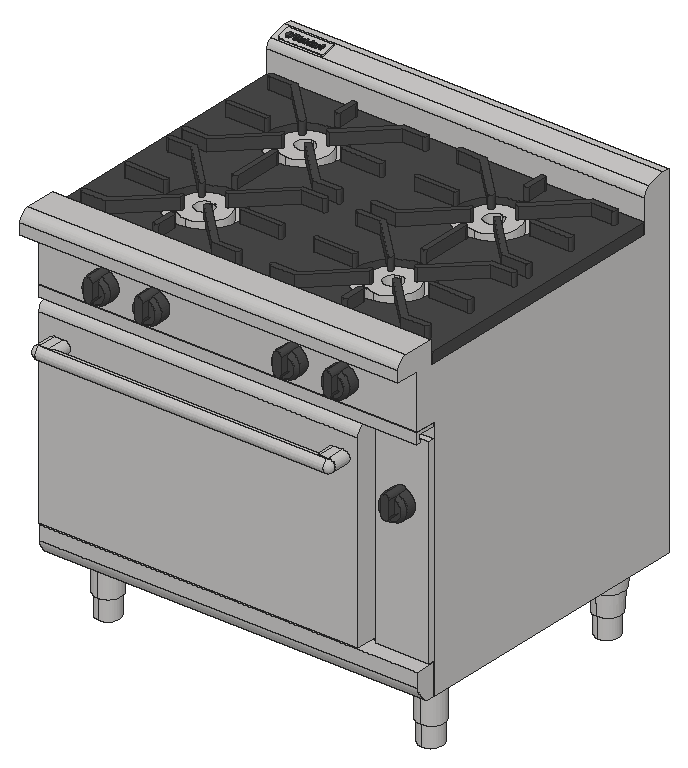
Revit family "QF_MOFFAT WALDORF_RNL8910G", category Specialty Equipment, Revit 2012
Parameters
  Width = 900 mm
  Weight in Pounds = 215
  URL Cutsheet = "www.moffat.com"
  URL = "www.moffat.com"
  Type Mark [instance] = ""
  Status [instance] = ""
  Specification by User [instance] = ""
  Specification by Manufacturer = ""
  Show Logo [instance] = yes
  Show Clearance [instance] = yes
  Serial Number = ""
  Seismic Rating = ""
  SMACNA No = ""
  Revision Code [instance] = ""
  Omniclass Number and Title = ""
  NAFEM Spec ID Number = ""
  Model = "RNL8910G"
  Mechanical Remarks = ""
  Mechanical Connection Type [instance] = ""
  Masterspec = ""
  Manufacturer = "MOFFAT WALDORF"
  Item Number [instance] = ""
  Installed By [instance] = ""
  Identify Quantity as Lot [instance] = yes
  Height = 970 mm
  Gas Size = 3/4"
  Gas RI Height [instance] = 0 mm
  Gas KW [instance] = 40
  Gas Input [instance] = 134590.0 Btu/h
  Gas Connection Height = 0 mm
  Furnished By [instance] = ""
  Foodservice Equipment Identifier [instance] = yes
  Description = "RANGE LOW SPLASHBACK GAS WITH STATIC OVEN"
  Depth = 805 mm
  CSI MasterFormat = ""
  CSI Master Format = ""
  Body Finish = QF_Finishes_Stainless Steel
Reference planes
  plane 1 "BACK": y = 0
  plane 2: z = 0
  plane 3 "LEFT": x = 0
  plane 4 "RIGHT": x = 900
  plane 5 "FRONT": y = -805
  plane 6 "TOP": z = 970
  plane 7 "Center Y": x = 450
  plane 8 "Center X": y = -402.5
  plane 9: x = 280
  plane 10: y = -574.272
  plane 11: x = 60
  plane 12: y = -304.972
  plane 13: y = -364.972
  plane 14: x = 74
  plane 15: y = -805
  plane 16: x = 834.5
  plane 17: y = -32
  plane 18: z = 655
  plane 19: x = 65.8
Forms (mm)
  Extrusion 1, solid, material "QF_Finishes_Stainless Steel" <- "Body Finish"
    sketch origin (0, 0, 0) x (0, 1, 0) y (0, 0, 1)
      loop
        line (0, 150) -> (0, 970) -> (-16.5, 970) -> (-58.709, 958.69)
        arc (-58.709, 958.69) -> (-66.975, 950.425) -> (-70, 939.134) r 22.582
        line (-70, 939.134) -> (-70, 861.8) -> (-709, 861.8) -> (-709, 915) -> (-781, 915)
        arc (-781, 915) -> (-797.971, 907.971) -> (-805, 891) r 24
        line (-805, 891) -> (-805, 866) -> (-749, 866) -> (-749, 736.219) -> (-696.73, 736.219) -> (-696.73, 150) -> (0, 150)
      loop
        line (-700.93, 150.071) -> (-700.93, 222.5) -> (-746.73, 222.5) -> (-746.73, 188)
        arc (-746.73, 188) -> (-731.317, 159.995) -> (-700.93, 150.071) r 43.526
      loop
        line (-749, 710) -> (-740.224, 710) -> (-742.613, 726.999) -> (-700.93, 726.999) -> (-700.93, 734.003) -> (-749, 734.003) -> (-749, 710)
    from 0 to 900
  Extrusion 2, solid, material "QF_Finishes_Stainless Steel"
    sketch origin (0, 0, 0) x (0, 1, 0) y (0, 0, 1)
      loop
        line (-699, 700) -> (-725, 700)
        arc (-725, 700) -> (-741.971, 692.971) -> (-749, 676) r 24
        line (-749, 676) -> (-749, 227.5) -> (-699, 227.5) -> (-699, 700)
    from 0 to 760
  Extrusion 3, solid, material "QF_Finishes_Stainless Steel"
    sketch origin (723.5, 0, 0) x (0, 1, 0) y (0, 0, 1)
      loop
        line (-699, 700) -> (-714, 700) -> (-714, 227.5) -> (-699, 227.5) -> (-699, 700)
    from 51.5 to 176.5
  Revolve 4, solid, material "QF_Finishes_Stainless Steel" <- "Body Finish"
    sketch origin (834.5, -165, 0) x (0, 1, 0) y (0, 0, -1)
      loop
        line (33.25, -50) -> (31.418, -102.468) -> (26.406, -102.468) -> (22.247, -150) -> (65, -150) -> (65, 0) -> (37.5, 0) -> (37.5, -50) -> (33.25, -50)
      axis (65, -150) -> (65, 0)
    angle from 0 to 360
  Revolve 5, solid, material "QF_Finishes_Stainless Steel" <- "Body Finish"
    sketch origin (834.5, -696.126, 0) x (0, 1, 0) y (0, 0, -1)
      loop
        line (39.376, -150) -> (71.126, -150) -> (71.126, 0) -> (43.626, 0) -> (43.626, -50) -> (39.376, -50) -> (39.376, -150)
      axis (71.126, -150) -> (71.126, 0)
    angle from 0 to 360
  Revolve 6, solid, material "QF_Finishes_Stainless Steel" <- "Body Finish"
    sketch origin (65.5, -165, 0) x (0, 1, 0) y (0, 0, 1)
      loop
        line (31.418, 102.468) -> (33.25, 50) -> (37.5, 50) -> (37.5, 0) -> (65, 0) -> (65, 150) -> (22.247, 150) -> (26.406, 102.468) -> (31.418, 102.468)
      axis (65, 150) -> (65, 0)
    angle from 0 to 360
  Revolve 7, solid, material "QF_Finishes_Stainless Steel" <- "Body Finish"
    sketch origin (65.5, -696.126, 0) x (0, 1, 0) y (0, 0, 1)
      loop
        line (39.376, 150) -> (39.376, 50) -> (43.626, 50) -> (43.626, 0) -> (71.126, 0) -> (71.126, 150) -> (39.376, 150)
      axis (71.126, 150) -> (71.126, 0)
    angle from 0 to 360
  Extrusion 8, solid, material "QF_Finishes_Stainless Steel"
    sketch origin (-64.5, 0, 325) x (1, 0, 0) y (0, 1, 0)
      loop
        circle (834.5, -32) r 10
    from 330 to 373.5
  Extrusion 9, solid, material "QF_Finishes_Black"
    sketch origin (0, -70, 861.8) x (0, -1, 0) y (1, 0, 0)
      loop
        arc (1, 4) -> (1.879, 1.879) -> (4, 1) r 3
        line (4, 1) -> (631, 1)
        arc (631, 1) -> (633.121, 1.879) -> (634, 4) r 3
        line (634, 4) -> (634, 897)
        arc (634, 897) -> (633.121, 899.121) -> (631, 900) r 3
        line (631, 900) -> (4, 900)
        arc (4, 900) -> (1.879, 899.121) -> (1, 897) r 3
        line (1, 897) -> (1, 4)
      loop
        circle (167.5, 225.387) r 85
      loop
        circle (467.768, 225.387) r 85
      loop
        circle (167.5, 674.613) r 85
      loop
        circle (467.768, 674.613) r 85
    from 0 to 25
  Extrusion 10, solid, material "QF_Finishes_Black"
    sketch origin (0, -70, 886.8) x (0, -1, 0) y (1, 0, 0)
      loop
        spline (375.602, 218.6) -> (376.896, 218.818) -> (378.102, 219.457) -> (379.138, 220.475) -> (379.932, 221.8) -> (380.432, 223.344) -> (380.602, 225) -> (380.432, 226.656) -> (379.932, 228.2) -> (379.138, 229.525) -> (378.102, 230.543) -> (376.896, 231.182) -> (375.602, 231.4)
        line (375.602, 231.4) -> (259.398, 231.4)
        spline (259.398, 231.4) -> (258.104, 231.182) -> (256.898, 230.543) -> (255.862, 229.525) -> (255.068, 228.2) -> (254.568, 226.656) -> (254.398, 225) -> (254.568, 223.344) -> (255.068, 221.8) -> (255.862, 220.475) -> (256.898, 219.457) -> (258.104, 218.818) -> (259.398, 218.6)
        line (259.398, 218.6) -> (375.602, 218.6)
      loop
        line (302.399, 350.848) -> (302.399, 408.117)
        arc (302.399, 408.117) -> (295.999, 414.517) -> (289.599, 408.117) r 6.4
        line (289.599, 408.117) -> (289.599, 356.15) -> (194.424, 260.975)
        spline (194.424, 260.975) -> (193.663, 259.905) -> (193.262, 258.601) -> (193.249, 257.149) -> (193.625, 255.65) -> (194.363, 254.205) -> (195.414, 252.914) -> (196.705, 251.863) -> (198.15, 251.125) -> (199.649, 250.749) -> (201.101, 250.762) -> (202.405, 251.163) -> (203.475, 251.924)
        line (203.475, 251.924) -> (302.399, 350.848)
      loop
        spline (161.1, 316.898) -> (161.318, 315.604) -> (161.957, 314.398) -> (162.975, 313.362) -> (164.3, 312.568) -> (165.844, 312.068) -> (167.5, 311.898) -> (169.156, 312.068) -> (170.7, 312.568) -> (172.025, 313.362) -> (173.043, 314.398) -> (173.682, 315.604) -> (173.9, 316.898)
        line (173.9, 316.898) -> (173.9, 408.102)
        spline (173.9, 408.102) -> (173.682, 409.396) -> (173.043, 410.602) -> (172.025, 411.638) -> (170.7, 412.432) -> (169.156, 412.932) -> (167.5, 413.102) -> (165.844, 412.932) -> (164.3, 412.432) -> (162.975, 411.638) -> (161.957, 410.602) -> (161.318, 409.396) -> (161.1, 408.102)
        line (161.1, 408.102) -> (161.1, 316.898)
      loop
        line (161.1, 133.102) -> (161.1, 41.898)
        spline (161.1, 41.898) -> (161.318, 40.604) -> (161.957, 39.398) -> (162.975, 38.362) -> (164.3, 37.568) -> (165.844, 37.068) -> (167.5, 36.898) -> (169.156, 37.068) -> (170.7, 37.568) -> (172.025, 38.362) -> (173.043, 39.398) -> (173.682, 40.604) -> (173.9, 41.898)
        line (173.9, 41.898) -> (173.9, 133.102)
        spline (173.9, 133.102) -> (173.682, 134.396) -> (173.043, 135.602) -> (172.025, 136.638) -> (170.7, 137.432) -> (169.156, 137.932) -> (167.5, 138.102) -> (165.844, 137.932) -> (164.3, 137.432) -> (162.975, 136.638) -> (161.957, 135.602) -> (161.318, 134.396) -> (161.1, 133.102)
      loop
        line (302.399, 99.152) -> (203.475, 198.076)
        spline (203.475, 198.076) -> (202.405, 198.837) -> (201.101, 199.238) -> (199.649, 199.251) -> (198.15, 198.875) -> (196.705, 198.137) -> (195.414, 197.086) -> (194.363, 195.795) -> (193.625, 194.35) -> (193.249, 192.851) -> (193.262, 191.399) -> (193.663, 190.095) -> (194.424, 189.025)
        line (194.424, 189.025) -> (289.599, 93.85) -> (289.599, 41.883)
        arc (289.599, 41.883) -> (295.999, 35.483) -> (302.399, 41.883) r 6.4
        line (302.399, 41.883) -> (302.399, 99.152)
      loop
        line (32.601, 350.848) -> (131.525, 251.924)
        spline (131.525, 251.924) -> (132.595, 251.163) -> (133.899, 250.762) -> (135.351, 250.749) -> (136.85, 251.125) -> (138.295, 251.863) -> (139.586, 252.914) -> (140.637, 254.205) -> (141.375, 255.65) -> (141.751, 257.149) -> (141.738, 258.601) -> (141.337, 259.905) -> (140.576, 260.975)
        line (140.576, 260.975) -> (45.401, 356.15) -> (45.401, 408.117)
        arc (45.401, 408.117) -> (39.001, 414.517) -> (32.601, 408.117) r 6.4
        line (32.601, 408.117) -> (32.601, 350.848)
      loop
        line (32.601, 99.152) -> (32.601, 41.883)
        arc (32.601, 41.883) -> (39.001, 35.483) -> (45.401, 41.883) r 6.4
        line (45.401, 41.883) -> (45.401, 93.85) -> (140.576, 189.025)
        spline (140.576, 189.025) -> (141.337, 190.095) -> (141.738, 191.399) -> (141.751, 192.851) -> (141.375, 194.35) -> (140.637, 195.795) -> (139.586, 197.086) -> (138.295, 198.137) -> (136.85, 198.875) -> (135.351, 199.251) -> (133.899, 199.238) -> (132.595, 198.837) -> (131.525, 198.076)
        line (131.525, 198.076) -> (32.601, 99.152)
      loop
        spline (70.602, 218.6) -> (71.896, 218.818) -> (73.102, 219.457) -> (74.138, 220.475) -> (74.932, 221.8) -> (75.432, 223.344) -> (75.602, 225) -> (75.432, 226.656) -> (74.932, 228.2) -> (74.138, 229.525) -> (73.102, 230.543) -> (71.896, 231.182) -> (70.602, 231.4)
        line (70.602, 231.4) -> (24.398, 231.4)
        spline (24.398, 231.4) -> (23.104, 231.182) -> (21.898, 230.543) -> (20.862, 229.525) -> (20.068, 228.2) -> (19.568, 226.656) -> (19.398, 225) -> (19.568, 223.344) -> (20.068, 221.8) -> (20.862, 220.475) -> (21.898, 219.457) -> (23.104, 218.818) -> (24.398, 218.6)
        line (24.398, 218.6) -> (70.602, 218.6)
      loop
        line (332.601, 350.848) -> (431.525, 251.924)
        spline (431.525, 251.924) -> (432.595, 251.163) -> (433.899, 250.762) -> (435.351, 250.749) -> (436.85, 251.125) -> (438.295, 251.863) -> (439.586, 252.914) -> (440.637, 254.205) -> (441.375, 255.65) -> (441.751, 257.149) -> (441.738, 258.601) -> (441.337, 259.905) -> (440.576, 260.975)
        line (440.576, 260.975) -> (345.401, 356.15) -> (345.401, 408.117)
        arc (345.401, 408.117) -> (339.001, 414.517) -> (332.601, 408.117) r 6.4
        line (332.601, 408.117) -> (332.601, 350.848)
      loop
        line (473.9, 316.898) -> (473.9, 408.102)
        spline (473.9, 408.102) -> (473.682, 409.396) -> (473.043, 410.602) -> (472.025, 411.638) -> (470.7, 412.432) -> (469.156, 412.932) -> (467.5, 413.102) -> (465.844, 412.932) -> (464.3, 412.432) -> (462.975, 411.638) -> (461.957, 410.602) -> (461.318, 409.396) -> (461.1, 408.102)
        line (461.1, 408.102) -> (461.1, 316.898)
        spline (461.1, 316.898) -> (461.318, 315.604) -> (461.957, 314.398) -> (462.975, 313.362) -> (464.3, 312.568) -> (465.844, 312.068) -> (467.5, 311.898) -> (469.156, 312.068) -> (470.7, 312.568) -> (472.025, 313.362) -> (473.043, 314.398) -> (473.682, 315.604) -> (473.9, 316.898)
      loop
        spline (473.9, 133.102) -> (473.682, 134.396) -> (473.043, 135.602) -> (472.025, 136.638) -> (470.7, 137.432) -> (469.156, 137.932) -> (467.5, 138.102) -> (465.844, 137.932) -> (464.3, 137.432) -> (462.975, 136.638) -> (461.957, 135.602) -> (461.318, 134.396) -> (461.1, 133.102)
        line (461.1, 133.102) -> (461.1, 41.898)
        spline (461.1, 41.898) -> (461.318, 40.604) -> (461.957, 39.398) -> (462.975, 38.362) -> (464.3, 37.568) -> (465.844, 37.068) -> (467.5, 36.898) -> (469.156, 37.068) -> (470.7, 37.568) -> (472.025, 38.362) -> (473.043, 39.398) -> (473.682, 40.604) -> (473.9, 41.898)
        line (473.9, 41.898) -> (473.9, 133.102)
      loop
        line (332.601, 99.152) -> (332.601, 41.883)
        arc (332.601, 41.883) -> (339.001, 35.483) -> (345.401, 41.883) r 6.4
        line (345.401, 41.883) -> (345.401, 93.85) -> (440.576, 189.025)
        spline (440.576, 189.025) -> (441.337, 190.095) -> (441.738, 191.399) -> (441.751, 192.851) -> (441.375, 194.35) -> (440.637, 195.795) -> (439.586, 197.086) -> (438.295, 198.137) -> (436.85, 198.875) -> (435.351, 199.251) -> (433.899, 199.238) -> (432.595, 198.837) -> (431.525, 198.076)
        line (431.525, 198.076) -> (332.601, 99.152)
      loop
        line (602.399, 350.848) -> (602.399, 408.117)
        arc (602.399, 408.117) -> (595.999, 414.517) -> (589.599, 408.117) r 6.4
        line (589.599, 408.117) -> (589.599, 356.15) -> (494.424, 260.975)
        spline (494.424, 260.975) -> (493.663, 259.905) -> (493.262, 258.601) -> (493.249, 257.149) -> (493.625, 255.65) -> (494.363, 254.205) -> (495.414, 252.914) -> (496.705, 251.863) -> (498.15, 251.125) -> (499.649, 250.749) -> (501.101, 250.762) -> (502.405, 251.163) -> (503.475, 251.924)
        line (503.475, 251.924) -> (602.399, 350.848)
      loop
        line (602.399, 99.152) -> (503.475, 198.076)
        spline (503.475, 198.076) -> (502.405, 198.837) -> (501.101, 199.238) -> (499.649, 199.251) -> (498.15, 198.875) -> (496.705, 198.137) -> (495.414, 197.086) -> (494.363, 195.795) -> (493.625, 194.35) -> (493.249, 192.851) -> (493.262, 191.399) -> (493.663, 190.095) -> (494.424, 189.025)
        line (494.424, 189.025) -> (589.599, 93.85) -> (589.599, 41.883)
        arc (589.599, 41.883) -> (595.999, 35.483) -> (602.399, 41.883) r 6.4
        line (602.399, 41.883) -> (602.399, 99.152)
      loop
        line (564.398, 218.6) -> (610.602, 218.6)
        spline (610.602, 218.6) -> (611.896, 218.818) -> (613.102, 219.457) -> (614.138, 220.475) -> (614.932, 221.8) -> (615.432, 223.344) -> (615.602, 225) -> (615.432, 226.656) -> (614.932, 228.2) -> (614.138, 229.525) -> (613.102, 230.543) -> (611.896, 231.182) -> (610.602, 231.4)
        line (610.602, 231.4) -> (564.398, 231.4)
        spline (564.398, 231.4) -> (563.104, 231.182) -> (561.898, 230.543) -> (560.862, 229.525) -> (560.068, 228.2) -> (559.568, 226.656) -> (559.398, 225) -> (559.568, 223.344) -> (560.068, 221.8) -> (560.862, 220.475) -> (561.898, 219.457) -> (563.104, 218.818) -> (564.398, 218.6)
      loop
        line (375.602, 681.4) -> (259.398, 681.4)
        spline (259.398, 681.4) -> (258.104, 681.182) -> (256.898, 680.543) -> (255.862, 679.525) -> (255.068, 678.2) -> (254.568, 676.656) -> (254.398, 675) -> (254.568, 673.344) -> (255.068, 671.8) -> (255.862, 670.475) -> (256.898, 669.457) -> (258.104, 668.818) -> (259.398, 668.6)
        line (259.398, 668.6) -> (375.602, 668.6)
        spline (375.602, 668.6) -> (376.896, 668.818) -> (378.102, 669.457) -> (379.138, 670.475) -> (379.932, 671.8) -> (380.432, 673.344) -> (380.602, 675) -> (380.432, 676.656) -> (379.932, 678.2) -> (379.138, 679.525) -> (378.102, 680.543) -> (376.896, 681.182) -> (375.602, 681.4)
      loop
        line (302.399, 549.152) -> (203.475, 648.076)
        spline (203.475, 648.076) -> (202.405, 648.837) -> (201.101, 649.238) -> (199.649, 649.251) -> (198.15, 648.875) -> (196.705, 648.137) -> (195.414, 647.086) -> (194.363, 645.795) -> (193.625, 644.35) -> (193.249, 642.851) -> (193.262, 641.399) -> (193.663, 640.095) -> (194.424, 639.025)
        line (194.424, 639.025) -> (289.599, 543.85) -> (289.599, 491.883)
        arc (289.599, 491.883) -> (295.999, 485.483) -> (302.399, 491.883) r 6.4
        line (302.399, 491.883) -> (302.399, 549.152)
      loop
        line (161.1, 583.102) -> (161.1, 491.898)
        spline (161.1, 491.898) -> (161.318, 490.604) -> (161.957, 489.398) -> (162.975, 488.362) -> (164.3, 487.568) -> (165.844, 487.068) -> (167.5, 486.898) -> (169.156, 487.068) -> (170.7, 487.568) -> (172.025, 488.362) -> (173.043, 489.398) -> (173.682, 490.604) -> (173.9, 491.898)
        line (173.9, 491.898) -> (173.9, 583.102)
        spline (173.9, 583.102) -> (173.682, 584.396) -> (173.043, 585.602) -> (172.025, 586.638) -> (170.7, 587.432) -> (169.156, 587.932) -> (167.5, 588.102) -> (165.844, 587.932) -> (164.3, 587.432) -> (162.975, 586.638) -> (161.957, 585.602) -> (161.318, 584.396) -> (161.1, 583.102)
      loop
        spline (161.1, 766.898) -> (161.318, 765.604) -> (161.957, 764.398) -> (162.975, 763.362) -> (164.3, 762.568) -> (165.844, 762.068) -> (167.5, 761.898) -> (169.156, 762.068) -> (170.7, 762.568) -> (172.025, 763.362) -> (173.043, 764.398) -> (173.682, 765.604) -> (173.9, 766.898)
        line (173.9, 766.898) -> (173.9, 858.102)
        spline (173.9, 858.102) -> (173.682, 859.396) -> (173.043, 860.602) -> (172.025, 861.638) -> (170.7, 862.432) -> (169.156, 862.932) -> (167.5, 863.102) -> (165.844, 862.932) -> (164.3, 862.432) -> (162.975, 861.638) -> (161.957, 860.602) -> (161.318, 859.396) -> (161.1, 858.102)
        line (161.1, 858.102) -> (161.1, 766.898)
      loop
        line (302.399, 800.848) -> (302.399, 858.117)
        arc (302.399, 858.117) -> (295.999, 864.517) -> (289.599, 858.117) r 6.4
        line (289.599, 858.117) -> (289.599, 806.15) -> (194.424, 710.975)
        spline (194.424, 710.975) -> (193.663, 709.905) -> (193.262, 708.601) -> (193.249, 707.149) -> (193.625, 705.65) -> (194.363, 704.205) -> (195.414, 702.914) -> (196.705, 701.863) -> (198.15, 701.125) -> (199.649, 700.749) -> (201.101, 700.762) -> (202.405, 701.163) -> (203.475, 701.924)
        line (203.475, 701.924) -> (302.399, 800.848)
      loop
        line (32.601, 549.152) -> (32.601, 491.883)
        arc (32.601, 491.883) -> (39.001, 485.483) -> (45.401, 491.883) r 6.4
        line (45.401, 491.883) -> (45.401, 543.85) -> (140.576, 639.025)
        spline (140.576, 639.025) -> (141.337, 640.095) -> (141.738, 641.399) -> (141.751, 642.851) -> (141.375, 644.35) -> (140.637, 645.795) -> (139.586, 647.086) -> (138.295, 648.137) -> (136.85, 648.875) -> (135.351, 649.251) -> (133.899, 649.238) -> (132.595, 648.837) -> (131.525, 648.076)
        line (131.525, 648.076) -> (32.601, 549.152)
      loop
        line (32.601, 800.848) -> (131.525, 701.924)
        spline (131.525, 701.924) -> (132.595, 701.163) -> (133.899, 700.762) -> (135.351, 700.749) -> (136.85, 701.125) -> (138.295, 701.863) -> (139.586, 702.914) -> (140.637, 704.205) -> (141.375, 705.65) -> (141.751, 707.149) -> (141.738, 708.601) -> (141.337, 709.905) -> (140.576, 710.975)
        line (140.576, 710.975) -> (45.401, 806.15) -> (45.401, 858.117)
        arc (45.401, 858.117) -> (39.001, 864.517) -> (32.601, 858.117) r 6.4
        line (32.601, 858.117) -> (32.601, 800.848)
      loop
        line (70.602, 681.4) -> (24.398, 681.4)
        spline (24.398, 681.4) -> (23.104, 681.182) -> (21.898, 680.543) -> (20.862, 679.525) -> (20.068, 678.2) -> (19.568, 676.656) -> (19.398, 675) -> (19.568, 673.344) -> (20.068, 671.8) -> (20.862, 670.475) -> (21.898, 669.457) -> (23.104, 668.818) -> (24.398, 668.6)
        line (24.398, 668.6) -> (70.602, 668.6)
        spline (70.602, 668.6) -> (71.896, 668.818) -> (73.102, 669.457) -> (74.138, 670.475) -> (74.932, 671.8) -> (75.432, 673.344) -> (75.602, 675) -> (75.432, 676.656) -> (74.932, 678.2) -> (74.138, 679.525) -> (73.102, 680.543) -> (71.896, 681.182) -> (70.602, 681.4)
      loop
        line (332.601, 549.152) -> (332.601, 491.883)
        arc (332.601, 491.883) -> (339.001, 485.483) -> (345.401, 491.883) r 6.4
        line (345.401, 491.883) -> (345.401, 543.85) -> (440.576, 639.025)
        spline (440.576, 639.025) -> (441.337, 640.095) -> (441.738, 641.399) -> (441.751, 642.851) -> (441.375, 644.35) -> (440.637, 645.795) -> (439.586, 647.086) -> (438.295, 648.137) -> (436.85, 648.875) -> (435.351, 649.251) -> (433.899, 649.238) -> (432.595, 648.837) -> (431.525, 648.076)
        line (431.525, 648.076) -> (332.601, 549.152)
      loop
        spline (473.9, 583.102) -> (473.682, 584.396) -> (473.043, 585.602) -> (472.025, 586.638) -> (470.7, 587.432) -> (469.156, 587.932) -> (467.5, 588.102) -> (465.844, 587.932) -> (464.3, 587.432) -> (462.975, 586.638) -> (461.957, 585.602) -> (461.318, 584.396) -> (461.1, 583.102)
        line (461.1, 583.102) -> (461.1, 491.898)
        spline (461.1, 491.898) -> (461.318, 490.604) -> (461.957, 489.398) -> (462.975, 488.362) -> (464.3, 487.568) -> (465.844, 487.068) -> (467.5, 486.898) -> (469.156, 487.068) -> (470.7, 487.568) -> (472.025, 488.362) -> (473.043, 489.398) -> (473.682, 490.604) -> (473.9, 491.898)
        line (473.9, 491.898) -> (473.9, 583.102)
      loop
        line (473.9, 766.898) -> (473.9, 858.102)
        spline (473.9, 858.102) -> (473.682, 859.396) -> (473.043, 860.602) -> (472.025, 861.638) -> (470.7, 862.432) -> (469.156, 862.932) -> (467.5, 863.102) -> (465.844, 862.932) -> (464.3, 862.432) -> (462.975, 861.638) -> (461.957, 860.602) -> (461.318, 859.396) -> (461.1, 858.102)
        line (461.1, 858.102) -> (461.1, 766.898)
        spline (461.1, 766.898) -> (461.318, 765.604) -> (461.957, 764.398) -> (462.975, 763.362) -> (464.3, 762.568) -> (465.844, 762.068) -> (467.5, 761.898) -> (469.156, 762.068) -> (470.7, 762.568) -> (472.025, 763.362) -> (473.043, 764.398) -> (473.682, 765.604) -> (473.9, 766.898)
      loop
        line (332.601, 800.848) -> (431.525, 701.924)
        spline (431.525, 701.924) -> (432.595, 701.163) -> (433.899, 700.762) -> (435.351, 700.749) -> (436.85, 701.125) -> (438.295, 701.863) -> (439.586, 702.914) -> (440.637, 704.205) -> (441.375, 705.65) -> (441.751, 707.149) -> (441.738, 708.601) -> (441.337, 709.905) -> (440.576, 710.975)
        line (440.576, 710.975) -> (345.401, 806.15) -> (345.401, 858.117)
        arc (345.401, 858.117) -> (339.001, 864.517) -> (332.601, 858.117) r 6.4
        line (332.601, 858.117) -> (332.601, 800.848)
      loop
        line (602.399, 549.152) -> (503.475, 648.076)
        spline (503.475, 648.076) -> (502.405, 648.837) -> (501.101, 649.238) -> (499.649, 649.251) -> (498.15, 648.875) -> (496.705, 648.137) -> (495.414, 647.086) -> (494.363, 645.795) -> (493.625, 644.35) -> (493.249, 642.851) -> (493.262, 641.399) -> (493.663, 640.095) -> (494.424, 639.025)
        line (494.424, 639.025) -> (589.599, 543.85) -> (589.599, 491.883)
        arc (589.599, 491.883) -> (595.999, 485.483) -> (602.399, 491.883) r 6.4
        line (602.399, 491.883) -> (602.399, 549.152)
      loop
        line (602.399, 800.848) -> (602.399, 858.117)
        arc (602.399, 858.117) -> (595.999, 864.517) -> (589.599, 858.117) r 6.4
        line (589.599, 858.117) -> (589.599, 806.15) -> (494.424, 710.975)
        spline (494.424, 710.975) -> (493.663, 709.905) -> (493.262, 708.601) -> (493.249, 707.149) -> (493.625, 705.65) -> (494.363, 704.205) -> (495.414, 702.914) -> (496.705, 701.863) -> (498.15, 701.125) -> (499.649, 700.749) -> (501.101, 700.762) -> (502.405, 701.163) -> (503.475, 701.924)
        line (503.475, 701.924) -> (602.399, 800.848)
      loop
        spline (564.398, 681.4) -> (563.104, 681.182) -> (561.898, 680.543) -> (560.862, 679.525) -> (560.068, 678.2) -> (559.568, 676.656) -> (559.398, 675) -> (559.568, 673.344) -> (560.068, 671.8) -> (560.862, 670.475) -> (561.898, 669.457) -> (563.104, 668.818) -> (564.398, 668.6)
        line (564.398, 668.6) -> (610.602, 668.6)
        spline (610.602, 668.6) -> (611.896, 668.818) -> (613.102, 669.457) -> (614.138, 670.475) -> (614.932, 671.8) -> (615.432, 673.344) -> (615.602, 675) -> (615.432, 676.656) -> (614.932, 678.2) -> (614.138, 679.525) -> (613.102, 680.543) -> (611.896, 681.182) -> (610.602, 681.4)
        line (610.602, 681.4) -> (564.398, 681.4)
    from 0 to 28.2
  Extrusion 11, solid, material "QF_Finishes_Stainless Steel"
    sketch origin (0, -737.874, 150) x (1, 0, 0) y (0, -1, 0)
      loop
        circle (820.5, -271.602) r 10
    from 0 to 4
  Revolve 12, solid, material "QF_Finishes_Black"
    sketch origin (836.851, 81.374, -245.75) x (0, 1, 0) y (0, 0, 1)
      loop
        line (-820.874, 829.5) -> (-831.874, 823.651) -> (-831.874, 797) -> (-787.874, 797) -> (-787.874, 802) -> (-797.874, 802) -> (-797.874, 829.5) -> (-820.874, 829.5)
      axis (-831.874, 797) -> (-787.874, 797)
    angle from 0 to 360
  Extrusion 13, solid, material "QF_Finishes_Black"
    sketch origin (689.044, 42.5, -245.75) x (1, 0, 0) y (0, 0, 1)
      loop
        line (158.3, 789) -> (158.3, 824)
        arc (158.3, 824) -> (148.3, 834) -> (138.3, 824) r 10
        line (138.3, 824) -> (138.3, 789)
        arc (138.3, 789) -> (148.3, 779) -> (158.3, 789) r 10
    from 759 to 808
  Extrusion 14, solid, material "QF_Door-Drawer Clearances", visible <- "Show Clearance", detail levels coarse
    sketch origin (0, 0, 0) x (0, -1, 0) y (0, 0, 1)
      loop
        line (749, 697.347) -> (749, 227.5) -> (1218.847, 227.5)
        arc (1218.847, 227.5) -> (1081.232, 559.732) -> (749, 697.347) r 469.847
    from 0 to -760
  Extrusion 15, void
    sketch origin (0, 0, 222.5) x (1, 0, 0) y (0, 1, 0)
      loop
        line (824, -87) -> (824, 0) -> (694, 0) -> (694, -39) -> (744, -87) -> (824, -87)
    from 0 to 476
  Extrusion 16, solid, material "QF_Finishes_Stainless Steel"
    sketch origin (0, -749, 227.5) x (0, 0, 1) y (-1, 0, 0)
      loop
        line (380.625, -38.246) -> (380.625, -58.528)
        arc (380.625, -58.528) -> (395.625, -73.528) -> (410.625, -58.528) r 15
        line (410.625, -58.528) -> (410.625, -38.246)
        arc (410.625, -38.246) -> (395.625, -23.246) -> (380.625, -38.246) r 15
      loop
        arc (380.625, -724.289) -> (395.625, -739.289) -> (410.625, -724.289) r 15
        line (410.625, -724.289) -> (410.625, -704.007)
        arc (410.625, -704.007) -> (395.625, -689.007) -> (380.625, -704.007) r 15
        line (380.625, -704.007) -> (380.625, -724.289)
    from 0 to 44
  Revolve 17, solid, material "QF_Finishes_Stainless Steel"
    sketch origin (0, -793, 0) x (1, 0, 0) y (0, 0, 1)
      loop
        arc (739.289, 623.125) -> (734.896, 633.732) -> (724.289, 638.125) r 15
        line (724.289, 638.125) -> (38.246, 638.125)
        arc (38.246, 638.125) -> (27.64, 633.732) -> (23.246, 623.125) r 15
        line (23.246, 623.125) -> (739.289, 623.125)
      axis (739.289, 623.125) -> (23.246, 623.125)
    angle from 0 to 360
  Revolve 18, solid, material "QF_Finishes_Black"
    sketch origin (734.351, 38.874, -0.118) x (0, 1, 0) y (0, 0, 1)
      loop
        line (-820.874, 829.5) -> (-831.874, 823.651) -> (-831.874, 797) -> (-787.874, 797) -> (-787.874, 802) -> (-797.874, 802) -> (-797.874, 829.5) -> (-820.874, 829.5)
      axis (-831.874, 797) -> (-787.874, 797)
    angle from 0 to 360
  Revolve 19, solid, material "QF_Finishes_Black"
    sketch origin (165.024, 38.874, -0.118) x (0, 1, 0) y (0, 0, -1)
      loop
        line (-820.874, -829.5) -> (-797.874, -829.5) -> (-797.874, -802) -> (-787.874, -802) -> (-787.874, -797) -> (-831.874, -797) -> (-831.874, -823.651) -> (-820.874, -829.5)
      axis (-831.874, -797) -> (-787.874, -797)
    angle from 0 to 360
  Revolve 20, solid, material "QF_Finishes_Black"
    sketch origin (285.625, 38.874, -0.118) x (0, 1, 0) y (0, 0, -1)
      loop
        line (-820.874, -829.5) -> (-797.874, -829.5) -> (-797.874, -802) -> (-787.874, -802) -> (-787.874, -797) -> (-831.874, -797) -> (-831.874, -823.651) -> (-820.874, -829.5)
      axis (-831.874, -797) -> (-787.874, -797)
    angle from 0 to 360
  Revolve 21, solid, material "QF_Finishes_Black"
    sketch origin (615.625, 38.874, -0.118) x (0, 1, 0) y (0, 0, -1)
      loop
        line (-820.874, -829.5) -> (-797.874, -829.5) -> (-797.874, -802) -> (-787.874, -802) -> (-787.874, -797) -> (-831.874, -797) -> (-831.874, -823.651) -> (-820.874, -829.5)
      axis (-831.874, -797) -> (-787.874, -797)
    angle from 0 to 360
  Extrusion 22, solid, material "QF_Finishes_Black"
    sketch origin (586.544, 0, -0.118) x (1, 0, 0) y (0, 0, 1)
      loop
        line (158.3, 789) -> (158.3, 824)
        arc (158.3, 824) -> (148.3, 834) -> (138.3, 824) r 10
        line (138.3, 824) -> (138.3, 789)
        arc (138.3, 789) -> (148.3, 779) -> (158.3, 789) r 10
    from 759 to 808
  Extrusion 23, solid, material "QF_Finishes_Black"
    sketch origin (312.831, 0, -0.118) x (-1, 0, 0) y (0, 0, -1)
      loop
        arc (158.3, -789) -> (148.3, -779) -> (138.3, -789) r 10
        line (138.3, -789) -> (138.3, -824)
        arc (138.3, -824) -> (148.3, -834) -> (158.3, -824) r 10
        line (158.3, -824) -> (158.3, -789)
    from 759 to 808
  Extrusion 24, solid, material "QF_Finishes_Black"
    sketch origin (433.432, 0, -0.118) x (-1, 0, 0) y (0, 0, -1)
      loop
        arc (158.3, -789) -> (148.3, -779) -> (138.3, -789) r 10
        line (138.3, -789) -> (138.3, -824)
        arc (138.3, -824) -> (148.3, -834) -> (158.3, -824) r 10
        line (158.3, -824) -> (158.3, -789)
    from 759 to 808
  Extrusion 25, solid, material "QF_Finishes_Black"
    sketch origin (763.432, 0, -0.118) x (-1, 0, 0) y (0, 0, -1)
      loop
        arc (158.3, -789) -> (148.3, -779) -> (138.3, -789) r 10
        line (138.3, -789) -> (138.3, -824)
        arc (138.3, -824) -> (148.3, -834) -> (158.3, -824) r 10
        line (158.3, -824) -> (158.3, -789)
    from 759 to 808
  Extrusion 26, solid, material "QF_Finishes_Stainless Steel"
    sketch origin (0, -70, 861.8) x (0, -1, 0) y (1, 0, 0)
      loop
        circle (467.5, 225.387) r 57
      loop
        circle (167.5, 225.387) r 57
      loop
        circle (467.5, 674.613) r 57
      loop
        circle (167.5, 674.613) r 57
      loop
        circle (167.5, 225.387) r 22
      loop
        circle (167.5, 674.613) r 22
      loop
        circle (467.5, 674.613) r 22
      loop
        circle (467.5, 225.387) r 22
    from 0 to 25
Cuts and joins
  Extrusion 15 cuts Extrusion 1
Lines and regions (mm)
  Split face 1
    outline origin (0, -16.5, 970) x (0, -0.965926, -0.258819) y (1, 0, 0)
      loop
        line (1.962, 129.583) -> (34.599, 129.583) -> (34.599, 149.583) -> (1.962, 149.583) -> (1.962, 129.583)
  Split face 2
    outline origin (0, -16.5, 970) x (0, -0.965926, -0.258819) y (1, 0, 0)
      loop
        line (34.599, 156.5) -> (34.599, 176.5) -> (1.962, 176.5) -> (1.962, 156.5) -> (34.599, 156.5)
  Split face 3
    outline origin (0, -16.5, 970) x (0, -0.965926, -0.258819) y (1, 0, 0)
      loop
        line (34.599, 203.5) -> (1.962, 203.5) -> (1.962, 183.5) -> (34.599, 183.5) -> (34.599, 203.5)
  Split face 4
    outline origin (0, -16.5, 970) x (0, -0.965926, -0.258819) y (1, 0, 0)
      loop
        line (34.599, 230.5) -> (1.962, 230.5) -> (1.962, 210.5) -> (34.599, 210.5) -> (34.599, 230.5)
  Split face 5
    outline origin (0, -16.5, 970) x (0, -0.965926, -0.258819) y (1, 0, 0)
      loop
        line (34.599, 257.5) -> (1.962, 257.5) -> (1.962, 237.5) -> (34.599, 237.5) -> (34.599, 257.5)
  Split face 6
    outline origin (0, -16.5, 970) x (0, -0.965926, -0.258819) y (1, 0, 0)
      loop
        line (34.599, 264.5) -> (34.599, 284.5) -> (1.962, 284.5) -> (1.962, 264.5) -> (34.599, 264.5)
  Split face 7
    outline origin (0, -16.5, 970) x (0, -0.965926, -0.258819) y (1, 0, 0)
      loop
        line (34.599, 311.5) -> (1.962, 311.5) -> (1.962, 291.5) -> (34.599, 291.5) -> (34.599, 311.5)
  Split face 8
    outline origin (0, -16.5, 970) x (0, -0.965926, -0.258819) y (1, 0, 0)
      loop
        line (1.962, 638.5) -> (1.962, 618.5) -> (34.599, 618.5) -> (34.599, 638.5) -> (1.962, 638.5)
  Split face 9
    outline origin (0, -16.5, 970) x (0, -0.965926, -0.258819) y (1, 0, 0)
      loop
        line (1.962, 645.5) -> (34.599, 645.5) -> (34.599, 665.5) -> (1.962, 665.5) -> (1.962, 645.5)
  Split face 10
    outline origin (0, -16.5, 970) x (0, -0.965926, -0.258819) y (1, 0, 0)
      loop
        line (34.599, 672.5) -> (34.599, 692.5) -> (1.962, 692.5) -> (1.962, 672.5) -> (34.599, 672.5)
  Split face 11
    outline origin (0, -16.5, 970) x (0, -0.965926, -0.258819) y (1, 0, 0)
      loop
        line (34.599, 699.5) -> (34.599, 719.5) -> (1.962, 719.5) -> (1.962, 699.5) -> (34.599, 699.5)
  Split face 12
    outline origin (0, -16.5, 970) x (0, -0.965926, -0.258819) y (1, 0, 0)
      loop
        line (34.599, 726.5) -> (34.599, 746.5) -> (1.962, 746.5) -> (1.962, 726.5) -> (34.599, 726.5)
  Split face 13
    outline origin (0, -16.5, 970) x (0, -0.965926, -0.258819) y (1, 0, 0)
      loop
        line (1.962, 753.5) -> (34.599, 753.5) -> (34.599, 773.5) -> (1.962, 773.5) -> (1.962, 753.5)
  Split face 14
    outline origin (29.312, -16.5, 970) x (0, -0.965926, -0.258819) y (1, 0, 0)
      loop
        line (34.599, 311.5) -> (1.962, 311.5) -> (1.962, 291.5) -> (34.599, 291.5) -> (34.599, 311.5)
  Split face 15
    outline origin (58.539, -16.5, 970) x (0, -0.965926, -0.258819) y (1, 0, 0)
      loop
        line (34.599, 311.5) -> (1.962, 311.5) -> (1.962, 291.5) -> (34.599, 291.5) -> (34.599, 311.5)
  Split face 16
    outline origin (85.538, -16.5, 970) x (0, -0.965926, -0.258819) y (1, 0, 0)
      loop
        line (34.599, 311.5) -> (1.962, 311.5) -> (1.962, 291.5) -> (34.599, 291.5) -> (34.599, 311.5)
  Split face 17
    outline origin (111.014, -16.5, 970) x (0, -0.965926, -0.258819) y (1, 0, 0)
      loop
        line (34.599, 311.5) -> (1.962, 311.5) -> (1.962, 291.5) -> (34.599, 291.5) -> (34.599, 311.5)
  Split face 18
    outline origin (137.462, -16.5, 970) x (0, -0.965926, -0.258819) y (1, 0, 0)
      loop
        line (34.599, 311.5) -> (1.962, 311.5) -> (1.962, 291.5) -> (34.599, 291.5) -> (34.599, 311.5)
  Split face 19
    outline origin (163.546, -16.5, 970) x (0, -0.965926, -0.258819) y (1, 0, 0)
      loop
        line (34.599, 311.5) -> (1.962, 311.5) -> (1.962, 291.5) -> (34.599, 291.5) -> (34.599, 311.5)
  Split face 20
    outline origin (189.443, -16.5, 970) x (0, -0.965926, -0.258819) y (1, 0, 0)
      loop
        line (34.599, 311.5) -> (1.962, 311.5) -> (1.962, 291.5) -> (34.599, 291.5) -> (34.599, 311.5)
  Split face 21
    outline origin (215.891, -16.5, 970) x (0, -0.965926, -0.258819) y (1, 0, 0)
      loop
        line (34.599, 311.5) -> (1.962, 311.5) -> (1.962, 291.5) -> (34.599, 291.5) -> (34.599, 311.5)
  Split face 22
    outline origin (246.196, -16.5, 970) x (0, -0.965926, -0.258819) y (1, 0, 0)
      loop
        line (34.599, 311.5) -> (1.962, 311.5) -> (1.962, 291.5) -> (34.599, 291.5) -> (34.599, 311.5)
  Split face 23
    outline origin (274.297, -16.5, 970) x (0, -0.965926, -0.258819) y (1, 0, 0)
      loop
        line (34.599, 311.5) -> (1.962, 311.5) -> (1.962, 291.5) -> (34.599, 291.5) -> (34.599, 311.5)
  Split face 24
    outline origin (299.643, -16.5, 970) x (0, -0.965926, -0.258819) y (1, 0, 0)
      loop
        line (34.599, 311.5) -> (1.962, 311.5) -> (1.962, 291.5) -> (34.599, 291.5) -> (34.599, 311.5)
  symbolic lines
    curve 1: line (0, 0, 0) -> (0, -805, 0)
    curve 2: line (900, 0, 0) -> (0, 0, 0)
    curve 3: line (900, -805, 0) -> (900, 0, 0)
    curve 4: line (0, -70, 0) -> (900, -70, 0)
    curve 5: line (12.5, -51.234, 0) -> (12.5, -20.958, 0)
    curve 6: line (12.5, -20.958, 0) -> (121.5, -20.958, 0)
    curve 7: line (12.5, -51.234, 0) -> (121.5, -51.234, 0)
    curve 8: line (121.5, -20.958, 0) -> (121.5, -51.234, 0)
    curve 9: line (129.583, -22.262, 0) -> (129.583, -50.526, 0)
    curve 10: line (129.583, -50.526, 0) -> (149.583, -50.526, 0)
    curve 11: line (149.583, -50.526, 0) -> (149.583, -22.262, 0)
    curve 12: line (149.583, -22.262, 0) -> (129.583, -22.262, 0)
    curve 13: line (156.5, -22.262, 0) -> (156.5, -50.526, 0)
    curve 14: line (156.5, -50.526, 0) -> (176.5, -50.526, 0)
    curve 15: line (176.5, -50.526, 0) -> (176.5, -22.262, 0)
    curve 16: line (176.5, -22.262, 0) -> (156.5, -22.262, 0)
    curve 17: line (183.5, -22.262, 0) -> (183.5, -50.526, 0)
    curve 18: line (183.5, -50.526, 0) -> (203.5, -50.526, 0)
    curve 19: line (203.5, -50.526, 0) -> (203.5, -22.262, 0)
    curve 20: line (203.5, -22.262, 0) -> (183.5, -22.262, 0)
    curve 21: line (210.5, -22.262, 0) -> (210.5, -50.526, 0)
    curve 22: line (210.5, -50.526, 0) -> (230.5, -50.526, 0)
    curve 23: line (230.5, -50.526, 0) -> (230.5, -22.262, 0)
    curve 24: line (230.5, -22.262, 0) -> (210.5, -22.262, 0)
    curve 25: line (900, -805, 0) -> (0, -805, 0)
    curve 26: line (237.5, -22.262, 0) -> (237.5, -50.526, 0)
    curve 27: line (237.5, -50.526, 0) -> (257.5, -50.526, 0)
    curve 28: line (257.5, -50.526, 0) -> (257.5, -22.262, 0)
    curve 29: line (257.5, -22.262, 0) -> (237.5, -22.262, 0)
    curve 30: line (264.417, -22.262, 0) -> (264.417, -50.526, 0)
    curve 31: line (264.417, -50.526, 0) -> (284.417, -50.526, 0)
    curve 32: line (284.417, -50.526, 0) -> (284.417, -22.262, 0)
    curve 33: line (284.417, -22.262, 0) -> (264.417, -22.262, 0)
    curve 34: line (291.417, -22.262, 0) -> (291.417, -50.526, 0)
    curve 35: line (291.417, -50.526, 0) -> (311.417, -50.526, 0)
    curve 36: line (311.417, -50.526, 0) -> (311.417, -22.262, 0)
    curve 37: line (311.417, -22.262, 0) -> (291.417, -22.262, 0)
    curve 38: line (318.417, -22.262, 0) -> (318.417, -50.526, 0)
    curve 39: line (318.417, -50.526, 0) -> (338.417, -50.526, 0)
    curve 40: line (338.417, -50.526, 0) -> (338.417, -22.262, 0)
    curve 41: line (338.417, -22.262, 0) -> (318.417, -22.262, 0)
    curve 42: line (350.039, -22.262, 0) -> (350.039, -50.526, 0)
    curve 43: line (350.039, -50.526, 0) -> (370.039, -50.526, 0)
    curve 44: line (370.039, -50.526, 0) -> (370.039, -22.262, 0)
    curve 45: line (370.039, -22.262, 0) -> (350.039, -22.262, 0)
    curve 46: line (376.956, -22.262, 0) -> (376.956, -50.526, 0)
    curve 47: line (376.956, -50.526, 0) -> (396.956, -50.526, 0)
    curve 48: line (396.956, -50.526, 0) -> (396.956, -22.262, 0)
    curve 49: line (396.956, -22.262, 0) -> (376.956, -22.262, 0)
    curve 50: line (403.956, -22.262, 0) -> (403.956, -50.526, 0)
    curve 51: line (403.956, -50.526, 0) -> (423.956, -50.526, 0)
    curve 52: line (423.956, -50.526, 0) -> (423.956, -22.262, 0)
    curve 53: line (423.956, -22.262, 0) -> (403.956, -22.262, 0)
    curve 54: line (430.956, -22.262, 0) -> (430.956, -50.526, 0)
    curve 55: line (430.956, -50.526, 0) -> (450.956, -50.526, 0)
    curve 56: line (450.956, -50.526, 0) -> (450.956, -22.262, 0)
    curve 57: line (450.956, -22.262, 0) -> (430.956, -22.262, 0)
    curve 58: line (457.956, -22.262, 0) -> (457.956, -50.526, 0)
    curve 59: line (457.956, -50.526, 0) -> (477.956, -50.526, 0)
    curve 60: line (477.956, -50.526, 0) -> (477.956, -22.262, 0)
    curve 61: line (477.956, -22.262, 0) -> (457.956, -22.262, 0)
    curve 62: line (484.872, -22.262, 0) -> (484.872, -50.526, 0)
    curve 63: line (484.872, -50.526, 0) -> (504.872, -50.526, 0)
    curve 64: line (504.872, -50.526, 0) -> (504.872, -22.262, 0)
    curve 65: line (504.872, -22.262, 0) -> (484.872, -22.262, 0)
    curve 66: line (511.872, -22.262, 0) -> (511.872, -50.526, 0)
    curve 67: line (511.872, -50.526, 0) -> (531.872, -50.526, 0)
    curve 68: line (531.872, -50.526, 0) -> (531.872, -22.262, 0)
    curve 69: line (531.872, -22.262, 0) -> (511.872, -22.262, 0)
    curve 70: line (538.872, -22.262, 0) -> (538.872, -50.526, 0)
    curve 71: line (538.872, -50.526, 0) -> (558.872, -50.526, 0)
    curve 72: line (558.872, -50.526, 0) -> (558.872, -22.262, 0)
    curve 73: line (558.872, -22.262, 0) -> (538.872, -22.262, 0)
    curve 74: line (565.797, -22.262, 0) -> (565.797, -50.526, 0)
    curve 75: line (565.797, -50.526, 0) -> (585.797, -50.526, 0)
    curve 76: line (585.797, -50.526, 0) -> (585.797, -22.262, 0)
    curve 77: line (585.797, -22.262, 0) -> (565.797, -22.262, 0)
    curve 78: line (592.714, -22.262, 0) -> (592.714, -50.526, 0)
    curve 79: line (592.714, -50.526, 0) -> (612.714, -50.526, 0)
    curve 80: line (612.714, -50.526, 0) -> (612.714, -22.262, 0)
    curve 81: line (612.714, -22.262, 0) -> (592.714, -22.262, 0)
    curve 82: line (619.714, -22.262, 0) -> (619.714, -50.526, 0)
    curve 83: line (619.714, -50.526, 0) -> (639.714, -50.526, 0)
    curve 84: line (639.714, -50.526, 0) -> (639.714, -22.262, 0)
    curve 85: line (639.714, -22.262, 0) -> (619.714, -22.262, 0)
    curve 86: line (646.714, -22.262, 0) -> (646.714, -50.526, 0)
    curve 87: line (646.714, -50.526, 0) -> (666.714, -50.526, 0)
    curve 88: line (666.714, -50.526, 0) -> (666.714, -22.262, 0)
    curve 89: line (666.714, -22.262, 0) -> (646.714, -22.262, 0)
    curve 90: line (673.714, -22.262, 0) -> (673.714, -50.526, 0)
    curve 91: line (673.714, -50.526, 0) -> (693.714, -50.526, 0)
    curve 92: line (693.714, -50.526, 0) -> (693.714, -22.262, 0)
    curve 93: line (693.714, -22.262, 0) -> (673.714, -22.262, 0)
    curve 94: line (700.631, -22.262, 0) -> (700.631, -50.526, 0)
    curve 95: line (700.631, -50.526, 0) -> (720.631, -50.526, 0)
    curve 96: line (720.631, -50.526, 0) -> (720.631, -22.262, 0)
    curve 97: line (720.631, -22.262, 0) -> (700.631, -22.262, 0)
    curve 98: line (727.631, -22.262, 0) -> (727.631, -50.526, 0)
    curve 99: line (727.631, -50.526, 0) -> (747.631, -50.526, 0)
    curve 100: line (747.631, -50.526, 0) -> (747.631, -22.262, 0)
    curve 101: line (747.631, -22.262, 0) -> (727.631, -22.262, 0)
    curve 102: line (754.631, -22.262, 0) -> (754.631, -50.526, 0)
    curve 103: line (754.631, -50.526, 0) -> (774.631, -50.526, 0)
    curve 104: line (774.631, -50.526, 0) -> (774.631, -22.262, 0)
    curve 105: line (774.631, -22.262, 0) -> (754.631, -22.262, 0)
    curve 106: line (900, -709, 0) -> (0, -709, 0)
    curve 107: line (0, -705.7, 0) -> (900, -705.7, 0)
    curve 108: line (900, -72.734, 0) -> (0, -72.734, 0)
    curve 109: arc (22.65, -805, 0) -> (34.104, -815.278, 0) -> (48.889, -819.544, 0) r 34.455
    curve 110: line (48.889, -819.544, 0) -> (721.858, -819.544, 0)
    curve 111: arc (721.858, -819.544, 0) -> (736.403, -815.647, 0) -> (747.05, -805, 0) r 29.089
    curve 112: line (35.483, -109.001, 0) -> (96.108, -109.001, 0)
    curve 113: line (96.108, -109.001, 0) -> (196.25, -209.143, 0)
    curve 114: line (35.483, -365.999, 0) -> (96.108, -365.999, 0)
    curve 115: line (96.108, -365.999, 0) -> (196.25, -265.857, 0)
    curve 116: line (415.29, -109.001, 0) -> (353.415, -109.001, 0)
    curve 117: line (353.415, -109.001, 0) -> (254.523, -207.893, 0)
    curve 118: line (415.29, -365.999, 0) -> (353.415, -365.999, 0)
    curve 119: line (353.415, -365.999, 0) -> (254.523, -267.107, 0)
    curve 120: line (413.064, -237.566, 0) -> (312.031, -237.566, 0)
    curve 121: line (37.71, -237.566, 0) -> (138.743, -237.566, 0)
    curve 122: line (224.864, -89.312, 0) -> (224.864, -145.466, 0)
    curve 123: line (225.222, -322.499, 0) -> (225.222, -449.33, 0)
    curve 124: line (864.517, -109.001, 0) -> (803.892, -109.001, 0)
    curve 125: line (803.892, -109.001, 0) -> (703.75, -209.143, 0)
    curve 126: line (864.517, -365.999, 0) -> (803.892, -365.999, 0)
    curve 127: line (803.892, -365.999, 0) -> (703.75, -265.857, 0)
    curve 128: line (484.71, -109.001, 0) -> (546.585, -109.001, 0)
    curve 129: line (546.585, -109.001, 0) -> (645.477, -207.893, 0)
    curve 130: line (484.71, -365.999, 0) -> (546.585, -365.999, 0)
    curve 131: line (546.585, -365.999, 0) -> (645.477, -267.107, 0)
    curve 132: line (486.936, -237.566, 0) -> (587.969, -237.566, 0)
    curve 133: line (862.29, -237.566, 0) -> (761.257, -237.566, 0)
    curve 134: line (675.136, -89.312, 0) -> (675.136, -145.466, 0)
    curve 135: line (674.778, -322.499, 0) -> (674.778, -449.33, 0)
    curve 136: line (864.517, -409.001, 0) -> (803.892, -409.001, 0)
    curve 137: line (803.892, -409.001, 0) -> (703.75, -509.143, 0)
    curve 138: line (864.517, -665.999, 0) -> (803.892, -665.999, 0)
    curve 139: line (803.892, -665.999, 0) -> (703.75, -565.857, 0)
    curve 140: line (484.71, -409.001, 0) -> (546.585, -409.001, 0)
    curve 141: line (546.585, -409.001, 0) -> (645.477, -507.893, 0)
    curve 142: line (484.71, -665.999, 0) -> (546.585, -665.999, 0)
    curve 143: line (546.585, -665.999, 0) -> (645.477, -567.107, 0)
    curve 144: line (486.936, -537.566, 0) -> (587.969, -537.566, 0)
    curve 145: line (862.29, -537.566, 0) -> (761.257, -537.566, 0)
    curve 146: line (675.106, -629.33, 0) -> (675.106, -684.33, 0)
    curve 147: line (414.517, -409.001, 0) -> (353.892, -409.001, 0)
    curve 148: line (353.892, -409.001, 0) -> (253.75, -509.143, 0)
    curve 149: line (414.517, -665.999, 0) -> (353.892, -665.999, 0)
    curve 150: line (353.892, -665.999, 0) -> (253.75, -565.857, 0)
    curve 151: line (34.71, -409.001, 0) -> (96.585, -409.001, 0)
    curve 152: line (96.585, -409.001, 0) -> (195.477, -507.893, 0)
    curve 153: line (34.71, -665.999, 0) -> (96.585, -665.999, 0)
    curve 154: line (96.585, -665.999, 0) -> (195.477, -567.107, 0)
    curve 155: line (36.936, -537.566, 0) -> (137.969, -537.566, 0)
    curve 156: line (412.29, -537.566, 0) -> (311.257, -537.566, 0)
    curve 157: line (225.106, -629.33, 0) -> (225.106, -684.33, 0)
    curve 158: arc (225.387, -294.5, 0) -> (282.387, -237.5, 0) -> (225.387, -180.5, 0) r 57
    curve 159: arc (225.387, -180.5, 0) -> (168.387, -237.5, 0) -> (225.387, -294.5, 0) r 57
    curve 160: arc (225.387, -594.5, 0) -> (282.387, -537.5, 0) -> (225.387, -480.5, 0) r 57
    curve 161: arc (225.387, -480.5, 0) -> (168.387, -537.5, 0) -> (225.387, -594.5, 0) r 57
    curve 162: arc (674.613, -180.5, 0) -> (617.613, -237.5, 0) -> (674.613, -294.5, 0) r 57
    curve 163: arc (674.613, -294.5, 0) -> (731.613, -237.5, 0) -> (674.613, -180.5, 0) r 57
    curve 164: arc (674.613, -594.5, 0) -> (731.613, -537.5, 0) -> (674.613, -480.5, 0) r 57
    curve 165: arc (674.613, -480.5, 0) -> (617.613, -537.5, 0) -> (674.613, -594.5, 0) r 57
    curve 169: arc (225.222, -152.5, 0) -> (310.222, -237.5, 0) -> (225.222, -322.499, 0) r 85
    curve 170: arc (225.222, -322.499, 0) -> (140.223, -237.5, 0) -> (225.222, -152.5, 0) r 85
    curve 171: arc (225.387, -452.768, 0) -> (310.387, -537.768, 0) -> (225.387, -622.768, 0) r 85
    curve 172: arc (225.387, -622.768, 0) -> (140.387, -537.768, 0) -> (225.387, -452.768, 0) r 85
    curve 173: arc (674.778, -322.499, 0) -> (589.778, -237.5, 0) -> (674.778, -152.5, 0) r 85
    curve 174: arc (674.778, -152.5, 0) -> (759.777, -237.5, 0) -> (674.778, -322.499, 0) r 85
    curve 175: arc (674.613, -622.768, 0) -> (589.613, -537.768, 0) -> (674.613, -452.768, 0) r 85
    curve 176: arc (674.613, -452.768, 0) -> (759.613, -537.768, 0) -> (674.613, -622.768, 0) r 85
    curve 177: line (0, -386.787, 0) -> (900, -386.787, 0)
    curve 178: line (450, -72.734, 0) -> (450, -705.7, 0)
    curve 179: arc (225.387, -215.5, 0) -> (247.387, -237.5, 0) -> (225.387, -259.5, 0) r 22
    curve 180: arc (225.387, -259.5, 0) -> (203.387, -237.5, 0) -> (225.387, -215.5, 0) r 22
    curve 181: arc (674.613, -215.5, 0) -> (696.613, -237.5, 0) -> (674.613, -259.5, 0) r 22
    curve 182: arc (674.613, -259.5, 0) -> (652.613, -237.5, 0) -> (674.613, -215.5, 0) r 22
    curve 183: arc (674.613, -515.5, 0) -> (696.613, -537.5, 0) -> (674.613, -559.5, 0) r 22
    curve 184: arc (674.613, -559.5, 0) -> (652.613, -537.5, 0) -> (674.613, -515.5, 0) r 22
    curve 185: arc (225.387, -515.5, 0) -> (247.387, -537.5, 0) -> (225.387, -559.5, 0) r 22
    curve 186: arc (225.387, -559.5, 0) -> (203.387, -537.5, 0) -> (225.387, -515.5, 0) r 22
  symbolic lines, style "QF_Door-Drawer Clearances", visible <- "Show Clearance"
    curve 166: line (0, -1218.847, 0) -> (760, -1218.847, 0)
    curve 167: line (760, -1218.847, 0) -> (760, -805, 0)
    curve 168: line (0, -1218.847, 0) -> (0, -805, 0)
Dimensions and locks
  equal spacing: plane 3 "LEFT", plane 7 "Center Y", plane 4 "RIGHT"
  "Width": plane 3 "LEFT" to plane 4 "RIGHT"
  equal spacing: plane 5 "FRONT", plane 8 "Center X", plane 1 "BACK"
  plane 5 "FRONT" to plane 1 "BACK" = 805 mm  (x2)
  equal spacing: plane 4 "RIGHT", plane 7 "Center Y", plane 3 "LEFT"
  plane 4 "RIGHT" to plane 3 "LEFT" = 900 mm
  "Height": plane 6 "TOP" to level
  plane 10 to plane 1 "BACK" = 574.272 mm
  plane 12 to plane 1 "BACK" = 304.972 mm  (x2)
  plane 11 to plane 3 "LEFT" = 60 mm
  plane 14 to plane 3 "LEFT" = 74 mm
  plane 9 to plane 3 "LEFT" = 280 mm
  "Depth": plane 1 "BACK" to plane 15
  plane 15 to plane 5 "FRONT" = 0 mm
  plane 6 "TOP" to plane 2 = 970 mm
  locked: plane 2 to Extrusion 1 sketch curve at 861.8
  locked: plane 2 to Extrusion 1 sketch curve at 915
  Extrusion 9 sketch curve to plane 19 = 64.8 mm
  aligned and locked: level to plane 2
  aligned and locked: curve 3 to plane 4 "RIGHT"
Automatic sketch dimensions
  Extrusion 1 sketch curve to plane 5 "FRONT" = 0 mm
  Extrusion 1 sketch curve to plane 6 "TOP" = 0 mm
  Extrusion 1 sketch curve to plane 1 "BACK" = 0 mm
  Extrusion 1 sketch curve to plane 5 "FRONT" = 24 mm
  Extrusion 1 sketch curve to plane 5 "FRONT" = 56 mm
  Extrusion 1 sketch curve to Extrusion 1 sketch curve = 0 mm
  Extrusion 1 sketch curve to plane 5 "FRONT" = 58.27 mm
  Extrusion 1 sketch curve to Extrusion 1 sketch curve = 6.387 mm
  Extrusion 1 sketch curve to Extrusion 1 sketch curve = 8.776 mm
  Extrusion 1 sketch curve to Extrusion 1 sketch curve = 40 mm
  Extrusion 1 sketch curve to Extrusion 1 sketch curve = 43.174 mm
  Extrusion 1 sketch curve to Extrusion 1 sketch curve = 2.626 mm
  Extrusion 1 sketch curve to Extrusion 1 sketch curve = 41.683 mm
  Extrusion 1 sketch curve to Extrusion 1 sketch curve = 4.2 mm  (x2)
  Extrusion 1 sketch curve to plane 17 = 38 mm
  Extrusion 1 sketch curve to plane 6 "TOP" = 11.31 mm
  Extrusion 1 sketch curve to Extrusion 1 sketch curve = 11.291 mm
  Extrusion 1 sketch curve to plane 17 = 15.418 mm
  plane 17 to Extrusion 1 sketch curve = 15.5 mm
  plane 18 to Extrusion 1 sketch curve = 81.219 mm
  Extrusion 1 sketch curve to Extrusion 1 sketch curve = 2.216 mm
  Extrusion 1 sketch curve to Extrusion 1 sketch curve = 7.004 mm
  Extrusion 1 sketch curve to Extrusion 1 sketch curve = 16.999 mm
  level to Extrusion 1 sketch curve = 222.5 mm
  Extrusion 1 sketch curve to Extrusion 1 sketch curve = 28.982 mm
  Extrusion 1 sketch curve to Extrusion 1 sketch curve = 34.5 mm
  Extrusion 1 sketch curve to Extrusion 1 sketch curve = 0.071 mm
  Extrusion 1 to Split face 1 sketch curve = 1.962 mm
  Split face 1 sketch curve to Extrusion 1 = 9.099 mm
  Split face 1 sketch curve to Extrusion 1 = 129.583 mm
  Split face 1 sketch curve to Split face 1 sketch curve = 20 mm
  Extrusion 1 to Split face 2 sketch curve = 1.962 mm
  Split face 2 sketch curve to Extrusion 1 = 9.099 mm
  Split face 2 sketch curve to Extrusion 1 = 156.5 mm
  Split face 2 sketch curve to Split face 2 sketch curve = 20 mm
  Extrusion 1 to Split face 3 sketch curve = 1.962 mm
  Split face 3 sketch curve to Extrusion 1 = 9.099 mm
  Split face 3 sketch curve to Extrusion 1 = 183.5 mm
  Split face 3 sketch curve to Split face 3 sketch curve = 20 mm
  Extrusion 1 to Split face 4 sketch curve = 1.962 mm
  Split face 4 sketch curve to Extrusion 1 = 9.099 mm
  Split face 4 sketch curve to Extrusion 1 = 210.5 mm
  Split face 4 sketch curve to Split face 4 sketch curve = 20 mm
  Extrusion 1 to Split face 5 sketch curve = 1.962 mm
  Split face 5 sketch curve to Extrusion 1 = 9.099 mm
  Split face 5 sketch curve to Extrusion 1 = 237.5 mm
  Split face 5 sketch curve to Split face 5 sketch curve = 20 mm
  Extrusion 1 to Split face 6 sketch curve = 1.962 mm
  Split face 6 sketch curve to Extrusion 1 = 9.099 mm
  Split face 6 sketch curve to Extrusion 1 = 264.5 mm
  Split face 6 sketch curve to Split face 6 sketch curve = 20 mm
  Extrusion 1 to Split face 7 sketch curve = 1.962 mm
  Split face 7 sketch curve to Extrusion 1 = 9.099 mm
  Split face 7 sketch curve to Extrusion 1 = 291.5 mm
  Split face 7 sketch curve to Split face 7 sketch curve = 20 mm
  Extrusion 1 to Split face 8 sketch curve = 1.962 mm
  Split face 8 sketch curve to Extrusion 1 = 9.099 mm
  Split face 8 sketch curve to Extrusion 1 = 281.5 mm
  Split face 8 sketch curve to Split face 8 sketch curve = 20 mm
  Extrusion 1 to Split face 9 sketch curve = 1.962 mm
  Split face 9 sketch curve to Extrusion 1 = 9.099 mm
  Split face 9 sketch curve to Extrusion 1 = 254.5 mm
  Split face 9 sketch curve to Split face 9 sketch curve = 20 mm
  Extrusion 1 to Split face 10 sketch curve = 1.962 mm
  Split face 10 sketch curve to Extrusion 1 = 9.099 mm
  Split face 10 sketch curve to Extrusion 1 = 227.5 mm
  Split face 10 sketch curve to Split face 10 sketch curve = 20 mm
  Extrusion 1 to Split face 11 sketch curve = 1.962 mm
  Split face 11 sketch curve to Extrusion 1 = 9.099 mm
  Split face 11 sketch curve to Extrusion 1 = 200.5 mm
  Split face 11 sketch curve to Split face 11 sketch curve = 20 mm
  Extrusion 1 to Split face 12 sketch curve = 1.962 mm
  Split face 12 sketch curve to Extrusion 1 = 9.099 mm
  Split face 12 sketch curve to Extrusion 1 = 173.5 mm
  Split face 12 sketch curve to Split face 12 sketch curve = 20 mm
  Extrusion 1 to Split face 13 sketch curve = 1.962 mm
  Split face 13 sketch curve to Extrusion 1 = 9.099 mm
  Split face 13 sketch curve to Extrusion 1 = 146.5 mm
  Split face 13 sketch curve to Split face 13 sketch curve = 20 mm
  plane 18 to Extrusion 2 sketch curve = 21 mm
  Extrusion 2 sketch curve to plane 5 "FRONT" = 56 mm
  Extrusion 2 sketch curve to Extrusion 2 sketch curve = 24 mm
  Extrusion 2 sketch curve to Extrusion 2 sketch curve = 50 mm
  level to Extrusion 2 sketch curve = 227.5 mm
  Extrusion 3 sketch curve to Extrusion 3 sketch curve = 15 mm
  level to Extrusion 3 sketch curve = 227.5 mm
  Extrusion 1 to Split face 14 sketch curve = 1.962 mm
  Split face 14 sketch curve to Extrusion 1 = 9.099 mm
  Split face 14 sketch curve to Extrusion 1 = 320.812 mm
  Split face 14 sketch curve to Split face 14 sketch curve = 20 mm
  Extrusion 1 to Split face 15 sketch curve = 1.962 mm
  Split face 15 sketch curve to Extrusion 1 = 9.099 mm
  Split face 15 sketch curve to Extrusion 1 = 350.039 mm
  Split face 15 sketch curve to Split face 15 sketch curve = 20 mm
  Extrusion 1 to Split face 16 sketch curve = 1.962 mm
  Split face 16 sketch curve to Extrusion 1 = 9.099 mm
  Split face 16 sketch curve to Extrusion 1 = 377.038 mm
  Split face 16 sketch curve to Split face 16 sketch curve = 20 mm
  Extrusion 1 to Split face 17 sketch curve = 1.962 mm
  Split face 17 sketch curve to Extrusion 1 = 9.099 mm
  Split face 17 sketch curve to Extrusion 1 = 402.514 mm
  Split face 17 sketch curve to Split face 17 sketch curve = 20 mm
  Extrusion 1 to Split face 18 sketch curve = 1.962 mm
  Split face 18 sketch curve to Extrusion 1 = 9.099 mm
  Split face 18 sketch curve to Extrusion 1 = 428.962 mm
  Split face 18 sketch curve to Split face 18 sketch curve = 20 mm
  Extrusion 1 to Split face 19 sketch curve = 1.962 mm
  Split face 19 sketch curve to Extrusion 1 = 9.099 mm
  Split face 19 sketch curve to Extrusion 1 = 444.954 mm
  Split face 19 sketch curve to Split face 19 sketch curve = 20 mm
  Extrusion 1 to Split face 20 sketch curve = 1.962 mm
  Split face 20 sketch curve to Extrusion 1 = 9.099 mm
  Split face 20 sketch curve to Extrusion 1 = 419.057 mm
  Split face 20 sketch curve to Split face 20 sketch curve = 20 mm
  Extrusion 1 to Split face 21 sketch curve = 1.962 mm
  Split face 21 sketch curve to Extrusion 1 = 9.099 mm
  Split face 21 sketch curve to Extrusion 1 = 392.609 mm
  Split face 21 sketch curve to Split face 21 sketch curve = 20 mm
  Extrusion 1 to Split face 22 sketch curve = 1.962 mm
  Split face 22 sketch curve to Extrusion 1 = 9.099 mm
  Split face 22 sketch curve to Extrusion 1 = 362.304 mm
